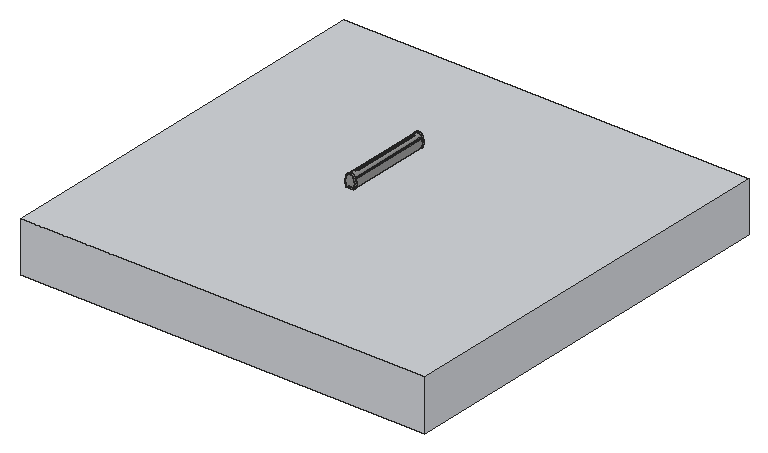
Revit family "L-trade II_body", category Обобщенные модели, Revit 2017
Family settings
  Основа = Грань
  Может служить основой для арматурных стержней = Нет
  Размер круглого соединителя = Использовать диаметр
  Тип детали = Нормальный
  При загрузке вырезать с полостями = Нет
  Общий = Нет
  Точка расчета площади = Нет
Parameters
  Тип торцевой крышки = Trade II торцевая крышка : Trade II торцевая крышка
  Расстояние от светильника до плоскости = Расстояние от низа светильника до плоскости + 80 mm  # 250 mm
  Расстояние от низа светильника до плоскости = 170 mm
  Default Elevation = 1219.2 mm
  Начало выдавливания = 250 mm
  Конец выдавливания = Начало выдавливания * (-1)  # -250 mm
  Длина профиля = Начало выдавливания * 2  # 500 mm
Reference planes
  plane 1 "По центру (Вперед/Назад)": y = 0
  plane 2: z = 0
  plane 3 "По центру (Влево/Вправо)": x = 0
  plane 4 "Плоскость расположения светильника": z = 170
Forms (mm)
  Extrusion 1, solid
    sketch origin (0, 0, 0) x (1, 0, 0) y (0, 1, 0)
      loop
        line (-1219.2, 1219.2) -> (-1219.2, -1219.2) -> (1219.2, -1219.2) -> (1219.2, 1219.2) -> (-1219.2, 1219.2)
    from 0 to -304.8
  Extrusion 2, solid
    sketch origin (0, 0, 170) x (0, -1, 0) y (1, 0, 0)
      loop
        line (-250, 2.572) -> (250, 2.572) -> (250, 4.625) -> (-250, 4.625) -> (-250, 2.572)
      loop
        line (-250, -2.572) -> (-250, -4.625) -> (250, -4.625) -> (250, -2.572) -> (-250, -2.572)
    from 0 to 1
  Extrusion 3, solid, material "Алюминий"
    sketch origin (0, 0, 0) x (1, 0, 0) y (0, 0, 1)
      loop
        line (2.572, 170) -> (21.583, 170)
        arc (21.583, 170) -> (23.284, 170.705) -> (23.988, 172.406) r 2.406
        line (23.988, 172.406) -> (23.988, 219.1) -> (23.054, 219.44)
        arc (23.054, 219.44) -> (20.433, 219.877) -> (22.85, 220.98) r 1.389
        line (22.85, 220.98) -> (23.732, 222.227)
        arc (23.732, 222.227) -> (24.096, 223.532) -> (23.546, 224.771) r 2.006
        arc (23.546, 224.771) -> (23.261, 225.083) -> (23.188, 225.5) r 0.757
        line (23.188, 225.5) -> (22.224, 225.5) -> (22.224, 224.659) -> (22.797, 224.087)
        arc (22.797, 224.087) -> (22.797, 222.684) -> (21.394, 222.684) r 0.992
        arc (21.394, 222.684) -> (21.071, 222.931) -> (20.696, 223.087) r 1.556
        line (20.696, 223.087) -> (18.325, 223.087)
        arc (18.325, 223.087) -> (16.847, 224.004) -> (18.515, 224.5) r 0.954
        line (18.515, 224.5) -> (19.803, 224.5) -> (19.803, 225.5) -> (19.002, 225.5)
        arc (19.002, 225.5) -> (17.792, 225.901) -> (16.582, 225.5) r 2.024
        line (16.582, 225.5) -> (4.453, 225.5) -> (4.453, 224.5) -> (5.483, 224.5) -> (5.483, 223.3) -> (-5.506, 223.3) -> (-5.506, 224.5) -> (-4.477, 224.5) -> (-4.477, 225.5) -> (-16.606, 225.5)
        arc (-16.606, 225.5) -> (-17.815, 225.901) -> (-19.025, 225.5) r 2.024
        line (-19.025, 225.5) -> (-19.826, 225.5) -> (-19.826, 224.5) -> (-18.538, 224.5)
        arc (-18.538, 224.5) -> (-16.87, 224.004) -> (-18.349, 223.087) r 0.954
        line (-18.349, 223.087) -> (-20.719, 223.087)
        arc (-20.719, 223.087) -> (-21.095, 222.931) -> (-21.417, 222.684) r 1.556
        arc (-21.417, 222.684) -> (-22.82, 222.684) -> (-22.82, 224.087) r 0.992
        line (-22.82, 224.087) -> (-22.247, 224.659) -> (-22.247, 225.5) -> (-23.212, 225.5)
        arc (-23.212, 225.5) -> (-23.284, 225.083) -> (-23.569, 224.771) r 0.757
        arc (-23.569, 224.771) -> (-24.119, 223.532) -> (-23.756, 222.227) r 2.006
        line (-23.756, 222.227) -> (-22.873, 220.98)
        arc (-22.873, 220.98) -> (-20.456, 219.877) -> (-23.077, 219.44) r 1.389
        line (-23.077, 219.44) -> (-24.012, 219.1) -> (-24.012, 172.406)
        arc (-24.012, 172.406) -> (-23.307, 170.705) -> (-21.606, 170) r 2.406
        line (-21.606, 170) -> (-2.595, 170) -> (-2.595, 171) -> (-4.649, 171) -> (-4.649, 175.456) -> (4.625, 175.456) -> (4.625, 171) -> (2.572, 171) -> (2.572, 170)
      loop
        line (5.619, 171) -> (21.584, 171)
        arc (21.584, 171) -> (22.577, 171.411) -> (22.988, 172.405) r 1.405
        line (22.988, 172.405) -> (22.988, 217.897)
        arc (22.988, 217.897) -> (19.715, 218.767) -> (20.407, 222.082) r 2.462
        line (20.407, 222.082) -> (18.726, 222.082)
        arc (18.726, 222.082) -> (16.485, 222.332) -> (15.866, 224.5) r 2.024
        line (15.866, 224.5) -> (6.476, 224.5) -> (6.476, 222.279) -> (-6.499, 222.279) -> (-6.499, 224.5) -> (-15.89, 224.5)
        arc (-15.89, 224.5) -> (-16.509, 222.332) -> (-18.749, 222.082) r 2.024
        line (-18.749, 222.082) -> (-20.43, 222.082)
        arc (-20.43, 222.082) -> (-19.738, 218.767) -> (-23.012, 217.897) r 2.462
        line (-23.012, 217.897) -> (-23.012, 172.405)
        arc (-23.012, 172.405) -> (-22.6, 171.411) -> (-21.607, 171) r 1.405
        line (-21.607, 171) -> (-5.642, 171) -> (-5.642, 176.427) -> (5.619, 176.427) -> (5.619, 171)
    from 250 <- "Начало выдавливания" to -250 <- "Конец выдавливания"
  Extrusion 4, solid, material "Стекло, прозрачное остекление"
    sketch origin (0, 0, 0) x (1, 0, 0) y (0, 0, 1)
      loop
        arc (-0.012, 246.283) -> (14.71, 240.185) -> (20.808, 225.463) r 20.82
        line (20.808, 225.463) -> (20.808, 224.359) -> (18.369, 224.359) -> (18.369, 223.222) -> (22.088, 223.222) -> (22.088, 225.463)
        arc (22.088, 225.463) -> (15.615, 241.09) -> (-0.012, 247.563) r 22.1
        arc (-0.012, 247.563) -> (-15.639, 241.09) -> (-22.112, 225.463) r 22.1
        line (-22.112, 225.463) -> (-22.112, 223.222) -> (-18.393, 223.222) -> (-18.393, 224.359) -> (-20.832, 224.359) -> (-20.832, 225.463)
        arc (-20.832, 225.463) -> (-14.734, 240.185) -> (-0.012, 246.283) r 20.82
    from 250 <- "Начало выдавливания" to -250 <- "Конец выдавливания"
Dimensions and locks
  "Расстояние от низа светильника до плоскости": plane 4 "Плоскость расположения светильника" to Extrusion 1
  aligned and locked: plane 2 to Extrusion 1
  aligned and locked: level to Extrusion 1
Automatic sketch dimensions
  Extrusion 1 sketch curve to Extrusion 1 sketch curve = 2438.4 mm  (x2)
  Extrusion 2 sketch curve to plane 3 "По центру (Влево/Вправо)" = 2.572 mm
  Extrusion 2 sketch curve to plane 1 "По центру (Вперед/Назад)" = 250 mm
  plane 1 "По центру (Вперед/Назад)" to Extrusion 2 sketch curve = 250 mm
  plane 3 "По центру (Влево/Вправо)" to Extrusion 2 sketch curve = 2.572 mm
  Extrusion 2 sketch curve to Extrusion 2 sketch curve = 0 mm  (x2)
  Extrusion 2 sketch curve to Extrusion 2 sketch curve = 2.053 mm  (x2)
  Extrusion 3 sketch curve to Extrusion 3 sketch curve = 0 mm  (x22)
  Extrusion 3 sketch curve to plane 4 "Плоскость расположения светильника" = 0 mm  (x2)
  Extrusion 3 sketch curve to plane 3 "По центру (Влево/Вправо)" = 24.012 mm
  Extrusion 3 sketch curve to Extrusion 3 sketch curve = 0.047 mm
  Extrusion 3 sketch curve to Extrusion 3 sketch curve = 0.256 mm
  Extrusion 3 sketch curve to Extrusion 3 sketch curve = 0.753 mm  (x2)
  Extrusion 3 sketch curve to Extrusion 3 sketch curve = 0.935 mm  (x2)
  Extrusion 3 sketch curve to Extrusion 3 sketch curve = 1 mm  (x4)
  Extrusion 3 sketch curve to Extrusion 3 sketch curve = 0.882 mm  (x2)
  Extrusion 3 sketch curve to Extrusion 3 sketch curve = 0.392 mm
  Extrusion 3 sketch curve to Extrusion 3 sketch curve = 0.964 mm  (x2)
  Extrusion 3 sketch curve to Extrusion 3 sketch curve = 0.702 mm  (x2)
  Extrusion 3 sketch curve to Extrusion 3 sketch curve = 1.04 mm  (x2)
  Extrusion 3 sketch curve to Extrusion 3 sketch curve = 1.405 mm
  Extrusion 3 sketch curve to Extrusion 3 sketch curve = 0.001 mm  (x2)
  Extrusion 3 sketch curve to Extrusion 3 sketch curve = 1.399 mm  (x2)
  Extrusion 3 sketch curve to Extrusion 3 sketch curve = 0.289 mm  (x2)
  Extrusion 3 sketch curve to Extrusion 3 sketch curve = 0.114 mm  (x2)
  Extrusion 3 sketch curve to Extrusion 3 sketch curve = 2.421 mm
  Extrusion 3 sketch curve to Extrusion 3 sketch curve = 0.801 mm  (x2)
  Extrusion 3 sketch curve to Extrusion 3 sketch curve = 1.567 mm  (x2)
  Extrusion 3 sketch curve to Extrusion 3 sketch curve = 0.487 mm  (x2)
  Extrusion 3 sketch curve to Extrusion 3 sketch curve = 0.401 mm  (x2)
  Extrusion 3 sketch curve to Extrusion 3 sketch curve = 0.533 mm  (x2)
  Extrusion 3 sketch curve to Extrusion 3 sketch curve = 1.21 mm  (x2)
  Extrusion 3 sketch curve to Extrusion 3 sketch curve = 0.716 mm  (x2)
  Extrusion 3 sketch curve to plane 3 "По центру (Влево/Вправо)" = 6.499 mm
  plane 4 "Плоскость расположения светильника" to Extrusion 3 sketch curve = 1 mm  (x4)
  Extrusion 3 sketch curve to plane 3 "По центру (Влево/Вправо)" = 5.642 mm
  Extrusion 3 sketch curve to Extrusion 3 sketch curve = 0.993 mm  (x4)
  Extrusion 3 sketch curve to Extrusion 3 sketch curve = 1.03 mm  (x2)
  Extrusion 3 sketch curve to Extrusion 3 sketch curve = 2.053 mm  (x2)
  plane 3 "По центру (Влево/Вправо)" to Extrusion 3 sketch curve = 2.572 mm
  plane 3 "По центру (Влево/Вправо)" to Extrusion 3 sketch curve = 4.453 mm
  Extrusion 3 sketch curve to Extrusion 3 sketch curve = 9.39 mm
  Extrusion 3 sketch curve to Extrusion 3 sketch curve = 0.723 mm
  plane 4 "Плоскость расположения светильника" to Extrusion 3 sketch curve = 2.406 mm
  Extrusion 3 sketch curve to Extrusion 3 sketch curve = 15.964 mm
  Extrusion 3 sketch curve to Extrusion 3 sketch curve = 1.517 mm
  Extrusion 3 sketch curve to Extrusion 3 sketch curve = 0.129 mm
  Extrusion 3 sketch curve to Extrusion 3 sketch curve = 0.573 mm  (x3)
  Extrusion 3 sketch curve to Extrusion 3 sketch curve = 4.456 mm
  Extrusion 3 sketch curve to Extrusion 3 sketch curve = 0.971 mm
  Extrusion 3 sketch curve to Extrusion 3 sketch curve = 41.47 mm  (x2)
  Extrusion 3 sketch curve to Extrusion 3 sketch curve = 1.203 mm  (x2)
  Extrusion 3 sketch curve to Extrusion 3 sketch curve = 0.34 mm  (x2)
  Extrusion 3 sketch curve to Extrusion 3 sketch curve = 0.619 mm  (x2)
  Extrusion 3 sketch curve to Extrusion 3 sketch curve = 0.498 mm  (x2)
  Extrusion 3 sketch curve to Extrusion 3 sketch curve = 1.247 mm  (x2)
  Extrusion 3 sketch curve to Extrusion 3 sketch curve = 0.198 mm
  Extrusion 3 sketch curve to Extrusion 3 sketch curve = 1.005 mm  (x2)
  Extrusion 3 sketch curve to Extrusion 3 sketch curve = 1.021 mm
  Extrusion 3 sketch curve to Extrusion 3 sketch curve = 0.299 mm  (x2)
  Extrusion 3 sketch curve to Extrusion 3 sketch curve = 0.791 mm  (x2)
  Extrusion 3 sketch curve to Extrusion 3 sketch curve = 1.33 mm  (x2)
  Extrusion 3 sketch curve to Extrusion 3 sketch curve = 0.841 mm  (x2)
  Extrusion 3 sketch curve to Extrusion 3 sketch curve = 0.698 mm
  Extrusion 4 sketch curve to Extrusion 4 sketch curve = 0 mm  (x13)
  Extrusion 4 sketch curve to plane 3 "По центру (Влево/Вправо)" = 22.112 mm
  Extrusion 4 sketch curve to Extrusion 4 sketch curve = 1.28 mm
  Extrusion 4 sketch curve to Extrusion 4 sketch curve = 2.439 mm  (x2)
  Extrusion 4 sketch curve to plane 3 "По центру (Влево/Вправо)" = 0.012 mm
  plane 4 "Плоскость расположения светильника" to Extrusion 4 sketch curve = 53.222 mm
  Extrusion 4 sketch curve to Extrusion 4 sketch curve = 1.137 mm  (x2)
  Extrusion 4 sketch curve to Extrusion 4 sketch curve = 1.104 mm
Nested families
  nested 1: "Trade II торцевая крышка" at (0.005, 0, 0), type <- "Тип торцевой крышки", type "Trade II торцевая крышка"
    with Расстояние от светильника до плоскости 250 mm, Расстояние до плоскости 178 mm, Начало профиля 250 mm, Начало выделения 250 mm, Конец профиля 250 mm, Конец выделения 250 mm, Длина профиля 500 mm
  nested 2: "Trade II торцевая крышка" at (0, 0, 0), type <- "Тип торцевой крышки", type "Trade II торцевая крышка"
    with Расстояние от светильника до плоскости 250 mm, Расстояние до плоскости 178 mm, Начало профиля 250 mm, Начало выделения 250 mm, Конец профиля 250 mm, Конец выделения 250 mm, Длина профиля 500 mm
Definition of nested family "Trade II торцевая крышка"
  Parameters (values of type "Trade II торцевая крышка")
    Расстояние от светильника до плоскости = Расстояние до плоскости + 72 mm  # 322 mm
    Расстояние до плоскости = 250 mm
    Default Elevation = 1219.2 mm
    Начало профиля = 500 mm
    Начало выделения = Начало профиля  # 500 mm
    Конец профиля = Начало профиля  # 500 mm
    Конец выделения = Конец профиля  # 500 mm
    Длина профиля = Начало профиля * 2  # 1000 mm
  Reference planes
    plane 1 "По центру (Вперед/Назад)": y = 0
    plane 2: z = 0
    plane 3 "По центру (Влево/Вправо)": x = 0
    plane 4 "Плоскость низа светильника": z = 250
    plane 5 "Начало выд": y = -500
    plane 6 "Конец выд": y = 500
  Forms (mm)
    Extrusion 1, solid
      sketch origin (0, 0, 0) x (1, 0, 0) y (0, 1, 0)
        loop
          line (-1219.2, 1219.2) -> (-1219.2, -1219.2) -> (1219.2, -1219.2) -> (1219.2, 1219.2) -> (-1219.2, 1219.2)
      from 0 to -304.8
    Extrusion 2, solid
      sketch origin (0, 500, 0) x (0, 0, -1) y (1, 0, 0)
        loop
          arc (-298.752, 21.086) -> (-313.465, 14.795) -> (-319.533, -0.012) r 21.1
          arc (-319.533, -0.012) -> (-313.465, -14.818) -> (-298.752, -21.109) r 21.1
          arc (-298.752, -21.109) -> (-295.801, -23.179) -> (-292.204, -23.41) r 6.666
          arc (-292.204, -23.41) -> (-287.349, -22.848) -> (-283.631, -26.02) r 6.12
          line (-283.631, -26.02) -> (-282.1, -29.159)
          arc (-282.1, -29.159) -> (-281.536, -29.747) -> (-280.75, -29.964) r 1.536
          line (-280.75, -29.964) -> (-272.479, -29.964) -> (-264.208, -29.964)
          arc (-264.208, -29.964) -> (-263.423, -29.748) -> (-262.859, -29.161) r 1.536
          line (-262.859, -29.161) -> (-261.333, -26.017)
          arc (-261.333, -26.017) -> (-257.413, -22.783) -> (-252.402, -23.624) r 6.12
          arc (-252.402, -23.624) -> (-249.184, -24.431) -> (-246.185, -23.012) r 4.919
          arc (-246.185, -23.012) -> (-245.496, -23.055) -> (-244.832, -22.871) r 2.071
          arc (-244.832, -22.871) -> (-244.246, -22.355) -> (-244.028, -21.606) r 1.397
          line (-244.028, -21.606) -> (-244.028, -5.649) -> (-250, -5.649) -> (-250, -0.012) -> (-250, 5.625) -> (-244.028, 5.625) -> (-244.028, 21.583)
          arc (-244.028, 21.583) -> (-244.246, 22.332) -> (-244.832, 22.848) r 1.397
          arc (-244.832, 22.848) -> (-245.496, 23.032) -> (-246.185, 22.988) r 2.071
          arc (-246.185, 22.988) -> (-249.184, 24.408) -> (-252.402, 23.601) r 4.919
          arc (-252.402, 23.601) -> (-257.413, 22.759) -> (-261.333, 25.993) r 6.12
          line (-261.333, 25.993) -> (-262.859, 29.137)
          arc (-262.859, 29.137) -> (-263.423, 29.725) -> (-264.208, 29.94) r 1.536
          line (-264.208, 29.94) -> (-272.479, 29.94) -> (-280.75, 29.94)
          arc (-280.75, 29.94) -> (-281.536, 29.724) -> (-282.1, 29.136) r 1.536
          line (-282.1, 29.136) -> (-283.631, 25.997)
          arc (-283.631, 25.997) -> (-287.349, 22.825) -> (-292.204, 23.386) r 6.12
          arc (-292.204, 23.386) -> (-295.801, 23.156) -> (-298.752, 21.086) r 6.666
      from 0 to -1
    Extrusion 3, solid
      sketch origin (0, -500, 0) x (0, 0, -1) y (1, 0, 0)
        loop
          line (-244.028, 5.632) -> (-244.028, 21.59)
          arc (-244.028, 21.59) -> (-244.246, 22.339) -> (-244.832, 22.854) r 1.397
          arc (-244.832, 22.854) -> (-245.496, 23.039) -> (-246.185, 22.995) r 2.071
          arc (-246.185, 22.995) -> (-249.184, 24.415) -> (-252.402, 23.607) r 4.919
          arc (-252.402, 23.607) -> (-257.413, 22.766) -> (-261.333, 26) r 6.12
          line (-261.333, 26) -> (-262.859, 29.144)
          arc (-262.859, 29.144) -> (-263.423, 29.731) -> (-264.208, 29.947) r 1.536
          line (-264.208, 29.947) -> (-272.479, 29.947) -> (-280.75, 29.947)
          arc (-280.75, 29.947) -> (-281.536, 29.731) -> (-282.1, 29.143) r 1.536
          line (-282.1, 29.143) -> (-283.631, 26.003)
          arc (-283.631, 26.003) -> (-287.349, 22.832) -> (-292.204, 23.393) r 6.12
          arc (-292.204, 23.393) -> (-295.801, 23.163) -> (-298.752, 21.093) r 6.666
          arc (-298.752, 21.093) -> (-313.465, 14.802) -> (-319.533, -0.005) r 21.1
          arc (-319.533, -0.005) -> (-313.465, -14.811) -> (-298.752, -21.102) r 21.1
          arc (-298.752, -21.102) -> (-295.801, -23.172) -> (-292.204, -23.403) r 6.666
          arc (-292.204, -23.403) -> (-287.349, -22.841) -> (-283.631, -26.013) r 6.12
          line (-283.631, -26.013) -> (-282.1, -29.153)
          arc (-282.1, -29.153) -> (-281.536, -29.741) -> (-280.75, -29.957) r 1.536
          line (-280.75, -29.957) -> (-272.479, -29.957) -> (-264.208, -29.957)
          arc (-264.208, -29.957) -> (-263.423, -29.741) -> (-262.859, -29.154) r 1.536
          line (-262.859, -29.154) -> (-261.333, -26.01)
          arc (-261.333, -26.01) -> (-257.413, -22.776) -> (-252.402, -23.617) r 6.12
          arc (-252.402, -23.617) -> (-249.184, -24.424) -> (-246.185, -23.005) r 4.919
          arc (-246.185, -23.005) -> (-245.496, -23.049) -> (-244.832, -22.864) r 2.071
          arc (-244.832, -22.864) -> (-244.246, -22.348) -> (-244.028, -21.599) r 1.397
          line (-244.028, -21.599) -> (-244.028, -5.642) -> (-248, -5.642) -> (-250, -5.649) -> (-250, 5.625) -> (-248, 5.625) -> (-244.028, 5.632)
      from 0 to 1
    Extrusion 4, solid
      sketch origin (0, -500, 0) x (0, 0, -1) y (1, 0, 0)
        loop
          arc (-319.533, -0.005) -> (-313.465, -14.811) -> (-298.752, -21.102) r 21.1
          arc (-298.752, -21.102) -> (-295.801, -23.172) -> (-292.204, -23.403) r 6.666
          arc (-292.204, -23.403) -> (-287.349, -22.841) -> (-283.631, -26.013) r 6.12
          line (-283.631, -26.013) -> (-282.1, -29.153)
          arc (-282.1, -29.153) -> (-281.536, -29.741) -> (-280.75, -29.957) r 1.536
          line (-280.75, -29.957) -> (-272.479, -29.957) -> (-264.208, -29.957)
          arc (-264.208, -29.957) -> (-263.423, -29.741) -> (-262.859, -29.154) r 1.536
          line (-262.859, -29.154) -> (-261.333, -26.01)
          arc (-261.333, -26.01) -> (-257.413, -22.776) -> (-252.402, -23.617) r 6.12
          arc (-252.402, -23.617) -> (-249.184, -24.424) -> (-246.185, -23.005) r 4.919
          arc (-246.185, -23.005) -> (-245.496, -23.049) -> (-244.832, -22.864) r 2.071
          arc (-244.832, -22.864) -> (-244.246, -22.348) -> (-244.028, -21.599) r 1.397
          line (-244.028, -21.599) -> (-244.028, -5.642) -> (-248, -5.642) -> (-250, -5.649) -> (-250, -0.012) -> (-250, 5.639) -> (-248, 5.639) -> (-244.028, 5.632) -> (-244.028, 21.59)
          arc (-244.028, 21.59) -> (-244.246, 22.339) -> (-244.832, 22.854) r 1.397
          arc (-244.832, 22.854) -> (-245.496, 23.039) -> (-246.185, 22.995) r 2.071
          arc (-246.185, 22.995) -> (-249.184, 24.415) -> (-252.402, 23.607) r 4.919
          arc (-252.402, 23.607) -> (-257.413, 22.766) -> (-261.333, 26) r 6.12
          line (-261.333, 26) -> (-262.859, 29.144)
          arc (-262.859, 29.144) -> (-263.423, 29.731) -> (-264.208, 29.947) r 1.536
          line (-264.208, 29.947) -> (-272.479, 29.947) -> (-280.75, 29.947)
          arc (-280.75, 29.947) -> (-281.536, 29.731) -> (-282.1, 29.143) r 1.536
          line (-282.1, 29.143) -> (-283.631, 26.003)
          arc (-283.631, 26.003) -> (-287.349, 22.832) -> (-292.204, 23.393) r 6.12
          arc (-292.204, 23.393) -> (-295.801, 23.163) -> (-298.752, 21.093) r 6.666
          arc (-298.752, 21.093) -> (-313.465, 14.802) -> (-319.533, -0.005) r 21.1
        loop
          arc (-321.533, -0.005) -> (-315.194, -15.9) -> (-299.657, -23.072) r 23.1
          arc (-299.657, -23.072) -> (-295.831, -25.254) -> (-291.427, -25.274) r 8.666
          arc (-291.427, -25.274) -> (-288.06, -24.718) -> (-285.429, -26.89) r 4.12
          line (-285.429, -26.89) -> (-283.883, -30.06)
          arc (-283.883, -30.06) -> (-282.581, -31.446) -> (-280.75, -31.957) r 3.536
          line (-280.75, -31.957) -> (-272.479, -31.957) -> (-264.208, -31.957)
          arc (-264.208, -31.957) -> (-262.377, -31.446) -> (-261.075, -30.06) r 3.536
          line (-261.075, -30.06) -> (-259.534, -26.884)
          arc (-259.534, -26.884) -> (-256.893, -24.707) -> (-253.519, -25.276) r 4.12
          arc (-253.519, -25.276) -> (-249.474, -26.446) -> (-245.501, -25.054) r 6.919
          arc (-245.501, -25.054) -> (-244.724, -24.938) -> (-243.983, -24.675) r 4.071
          arc (-243.983, -24.675) -> (-242.558, -23.421) -> (-242.028, -21.599) r 3.397
          line (-242.028, -21.599) -> (-242.028, -3.642) -> (-248, -3.642) -> (-248, -0.012) -> (-248, 3.632) -> (-242.028, 3.632) -> (-242.028, 21.59)
          arc (-242.028, 21.59) -> (-242.558, 23.412) -> (-243.983, 24.665) r 3.397
          arc (-243.983, 24.665) -> (-244.724, 24.929) -> (-245.501, 25.045) r 4.071
          arc (-245.501, 25.045) -> (-249.474, 26.436) -> (-253.519, 25.267) r 6.919
          arc (-253.519, 25.267) -> (-256.893, 24.698) -> (-259.534, 26.875) r 4.12
          line (-259.534, 26.875) -> (-261.075, 30.05)
          arc (-261.075, 30.05) -> (-262.377, 31.436) -> (-264.208, 31.947) r 3.536
          line (-264.208, 31.947) -> (-272.479, 31.947) -> (-280.75, 31.947)
          arc (-280.75, 31.947) -> (-282.581, 31.436) -> (-283.883, 30.05) r 3.536
          line (-283.883, 30.05) -> (-285.429, 26.88)
          arc (-285.429, 26.88) -> (-288.06, 24.708) -> (-291.427, 25.265) r 4.12
          arc (-291.427, 25.265) -> (-295.831, 25.245) -> (-299.657, 23.063) r 8.666
          arc (-299.657, 23.063) -> (-315.194, 15.891) -> (-321.533, -0.005) r 23.1
      from 0 to 9
    Extrusion 5, solid
      sketch origin (0, 500, 0) x (0, 0, -1) y (1, 0, 0)
        loop
          arc (-319.526, -0.004) -> (-313.459, -14.811) -> (-298.746, -21.101) r 21.1
          arc (-298.746, -21.101) -> (-295.795, -23.171) -> (-292.197, -23.402) r 6.666
          arc (-292.197, -23.402) -> (-287.343, -22.84) -> (-283.625, -26.012) r 6.12
          line (-283.625, -26.012) -> (-282.093, -29.152)
          arc (-282.093, -29.152) -> (-281.529, -29.74) -> (-280.743, -29.956) r 1.536
          line (-280.743, -29.956) -> (-272.472, -29.956) -> (-264.202, -29.956)
          arc (-264.202, -29.956) -> (-263.416, -29.74) -> (-262.852, -29.153) r 1.536
          line (-262.852, -29.153) -> (-261.326, -26.009)
          arc (-261.326, -26.009) -> (-257.406, -22.775) -> (-252.395, -23.616) r 6.12
          arc (-252.395, -23.616) -> (-249.177, -24.424) -> (-246.178, -23.004) r 4.919
          arc (-246.178, -23.004) -> (-245.49, -23.048) -> (-244.825, -22.863) r 2.071
          arc (-244.825, -22.863) -> (-244.239, -22.348) -> (-244.021, -21.598) r 1.397
          line (-244.021, -21.598) -> (-244.021, -5.641) -> (-247.993, -5.641) -> (-249.993, -5.648) -> (-249.993, -0.011) -> (-249.993, 5.64) -> (-247.993, 5.64) -> (-244.021, 5.633) -> (-244.021, 21.59)
          arc (-244.021, 21.59) -> (-244.239, 22.34) -> (-244.825, 22.855) r 1.397
          arc (-244.825, 22.855) -> (-245.49, 23.04) -> (-246.178, 22.996) r 2.071
          arc (-246.178, 22.996) -> (-249.177, 24.416) -> (-252.395, 23.608) r 4.919
          arc (-252.395, 23.608) -> (-257.406, 22.767) -> (-261.326, 26.001) r 6.12
          line (-261.326, 26.001) -> (-262.852, 29.145)
          arc (-262.852, 29.145) -> (-263.416, 29.732) -> (-264.202, 29.948) r 1.536
          line (-264.202, 29.948) -> (-272.472, 29.948) -> (-280.743, 29.948)
          arc (-280.743, 29.948) -> (-281.529, 29.732) -> (-282.093, 29.144) r 1.536
          line (-282.093, 29.144) -> (-283.625, 26.004)
          arc (-283.625, 26.004) -> (-287.343, 22.833) -> (-292.197, 23.394) r 6.12
          arc (-292.197, 23.394) -> (-295.795, 23.163) -> (-298.746, 21.094) r 6.666
          arc (-298.746, 21.094) -> (-313.459, 14.803) -> (-319.526, -0.004) r 21.1
        loop
          arc (-321.526, -0.004) -> (-315.188, -15.899) -> (-299.65, -23.071) r 23.1
          arc (-299.65, -23.071) -> (-295.824, -25.254) -> (-291.42, -25.273) r 8.666
          arc (-291.42, -25.273) -> (-288.054, -24.717) -> (-285.422, -26.889) r 4.12
          line (-285.422, -26.889) -> (-283.876, -30.059)
          arc (-283.876, -30.059) -> (-282.575, -31.445) -> (-280.743, -31.956) r 3.536
          line (-280.743, -31.956) -> (-272.472, -31.956) -> (-264.202, -31.956)
          arc (-264.202, -31.956) -> (-262.37, -31.445) -> (-261.068, -30.059) r 3.536
          line (-261.068, -30.059) -> (-259.527, -26.883)
          arc (-259.527, -26.883) -> (-256.887, -24.706) -> (-253.512, -25.275) r 4.12
          arc (-253.512, -25.275) -> (-249.468, -26.445) -> (-245.494, -25.053) r 6.919
          arc (-245.494, -25.053) -> (-244.717, -24.937) -> (-243.976, -24.674) r 4.071
          arc (-243.976, -24.674) -> (-242.551, -23.421) -> (-242.021, -21.598) r 3.397
          line (-242.021, -21.598) -> (-242.021, -3.641) -> (-247.993, -3.641) -> (-247.993, -0.011) -> (-247.993, 3.633) -> (-242.021, 3.633) -> (-242.021, 21.59)
          arc (-242.021, 21.59) -> (-242.551, 23.413) -> (-243.976, 24.666) r 3.397
          arc (-243.976, 24.666) -> (-244.717, 24.93) -> (-245.494, 25.046) r 4.071
          arc (-245.494, 25.046) -> (-249.468, 26.437) -> (-253.512, 25.267) r 6.919
          arc (-253.512, 25.267) -> (-256.887, 24.698) -> (-259.527, 26.875) r 4.12
          line (-259.527, 26.875) -> (-261.068, 30.051)
          arc (-261.068, 30.051) -> (-262.37, 31.437) -> (-264.202, 31.948) r 3.536
          line (-264.202, 31.948) -> (-272.472, 31.948) -> (-280.743, 31.948)
          arc (-280.743, 31.948) -> (-282.575, 31.437) -> (-283.876, 30.051) r 3.536
          line (-283.876, 30.051) -> (-285.422, 26.881)
          arc (-285.422, 26.881) -> (-288.054, 24.709) -> (-291.42, 25.265) r 4.12
          arc (-291.42, 25.265) -> (-295.824, 25.246) -> (-299.65, 23.064) r 8.666
          arc (-299.65, 23.064) -> (-315.188, 15.892) -> (-321.526, -0.004) r 23.1
      from 0 to -9
    Extrusion 6, solid
      sketch origin (0, -500, 0) x (0, 0, -1) y (1, 0, 0)
        loop
          line (-244.028, 5.632) -> (-244.028, 21.59)
          arc (-244.028, 21.59) -> (-244.246, 22.339) -> (-244.832, 22.854) r 1.397
          arc (-244.832, 22.854) -> (-245.496, 23.039) -> (-246.185, 22.995) r 2.071
          arc (-246.185, 22.995) -> (-249.184, 24.415) -> (-252.402, 23.607) r 4.919
          arc (-252.402, 23.607) -> (-257.413, 22.766) -> (-261.333, 26) r 6.12
          line (-261.333, 26) -> (-262.859, 29.144)
          arc (-262.859, 29.144) -> (-263.423, 29.731) -> (-264.208, 29.947) r 1.536
          line (-264.208, 29.947) -> (-272.479, 29.947) -> (-280.75, 29.947)
          arc (-280.75, 29.947) -> (-281.536, 29.731) -> (-282.1, 29.143) r 1.536
          line (-282.1, 29.143) -> (-283.631, 26.003)
          arc (-283.631, 26.003) -> (-287.349, 22.832) -> (-292.204, 23.393) r 6.12
          arc (-292.204, 23.393) -> (-295.801, 23.163) -> (-298.752, 21.093) r 6.666
          arc (-298.752, 21.093) -> (-313.465, 14.802) -> (-319.533, -0.005) r 21.1
          arc (-319.533, -0.005) -> (-313.465, -14.811) -> (-298.752, -21.102) r 21.1
          arc (-298.752, -21.102) -> (-295.801, -23.172) -> (-292.204, -23.403) r 6.666
          arc (-292.204, -23.403) -> (-287.349, -22.841) -> (-283.631, -26.013) r 6.12
          line (-283.631, -26.013) -> (-282.1, -29.153)
          arc (-282.1, -29.153) -> (-281.536, -29.741) -> (-280.75, -29.957) r 1.536
          line (-280.75, -29.957) -> (-272.479, -29.957) -> (-264.208, -29.957)
          arc (-264.208, -29.957) -> (-263.423, -29.741) -> (-262.859, -29.154) r 1.536
          line (-262.859, -29.154) -> (-261.333, -26.01)
          arc (-261.333, -26.01) -> (-257.413, -22.776) -> (-252.402, -23.617) r 6.12
          arc (-252.402, -23.617) -> (-249.184, -24.424) -> (-246.185, -23.005) r 4.919
          arc (-246.185, -23.005) -> (-245.496, -23.049) -> (-244.832, -22.864) r 2.071
          arc (-244.832, -22.864) -> (-244.246, -22.348) -> (-244.028, -21.599) r 1.397
          line (-244.028, -21.599) -> (-244.028, -5.642) -> (-248, -5.642) -> (-250, -5.649) -> (-250, 5.625) -> (-248, 5.625) -> (-244.028, 5.632)
      from 8 to 9
    Extrusion 7, solid
      sketch origin (0, 500, 0) x (0, 0, -1) y (1, 0, 0)
        loop
          line (-244.028, 5.632) -> (-244.028, 21.59)
          arc (-244.028, 21.59) -> (-244.246, 22.339) -> (-244.832, 22.854) r 1.397
          arc (-244.832, 22.854) -> (-245.496, 23.039) -> (-246.185, 22.995) r 2.071
          arc (-246.185, 22.995) -> (-249.184, 24.415) -> (-252.402, 23.607) r 4.919
          arc (-252.402, 23.607) -> (-257.413, 22.766) -> (-261.333, 26) r 6.12
          line (-261.333, 26) -> (-262.859, 29.144)
          arc (-262.859, 29.144) -> (-263.423, 29.731) -> (-264.208, 29.947) r 1.536
          line (-264.208, 29.947) -> (-272.479, 29.947) -> (-280.75, 29.947)
          arc (-280.75, 29.947) -> (-281.536, 29.731) -> (-282.1, 29.143) r 1.536
          line (-282.1, 29.143) -> (-283.631, 26.003)
          arc (-283.631, 26.003) -> (-287.349, 22.832) -> (-292.204, 23.393) r 6.12
          arc (-292.204, 23.393) -> (-295.801, 23.163) -> (-298.752, 21.093) r 6.666
          arc (-298.752, 21.093) -> (-313.465, 14.802) -> (-319.533, -0.005) r 21.1
          arc (-319.533, -0.005) -> (-313.465, -14.811) -> (-298.752, -21.102) r 21.1
          arc (-298.752, -21.102) -> (-295.801, -23.172) -> (-292.204, -23.403) r 6.666
          arc (-292.204, -23.403) -> (-287.349, -22.841) -> (-283.631, -26.013) r 6.12
          line (-283.631, -26.013) -> (-282.1, -29.153)
          arc (-282.1, -29.153) -> (-281.536, -29.741) -> (-280.75, -29.957) r 1.536
          line (-280.75, -29.957) -> (-272.479, -29.957) -> (-264.208, -29.957)
          arc (-264.208, -29.957) -> (-263.423, -29.741) -> (-262.859, -29.154) r 1.536
          line (-262.859, -29.154) -> (-261.333, -26.01)
          arc (-261.333, -26.01) -> (-257.413, -22.776) -> (-252.402, -23.617) r 6.12
          arc (-252.402, -23.617) -> (-249.184, -24.424) -> (-246.185, -23.005) r 4.919
          arc (-246.185, -23.005) -> (-245.496, -23.049) -> (-244.832, -22.864) r 2.071
          arc (-244.832, -22.864) -> (-244.246, -22.348) -> (-244.028, -21.599) r 1.397
          line (-244.028, -21.599) -> (-244.028, -5.642) -> (-248, -5.642) -> (-250, -5.649) -> (-250, 5.625) -> (-248, 5.625) -> (-244.028, 5.632)
      from -8 to -9
  Dimensions and locks
    "Расстояние до плоскости": plane 4 "Плоскость низа светильника" to Extrusion 1
    "Начало выделения": plane 5 "Начало выд" to plane 1 "По центру (Вперед/Назад)"
    "Конец выделения": plane 1 "По центру (Вперед/Назад)" to plane 6 "Конец выд"
    aligned and locked: plane 2 to Extrusion 1
    aligned and locked: level to Extrusion 1
  Automatic sketch dimensions
    Extrusion 1 sketch curve to Extrusion 1 sketch curve = 2438.4 mm  (x2)
    Extrusion 2 sketch curve to Extrusion 2 sketch curve = 0 mm  (x2)
    Extrusion 2 sketch curve to plane 4 "Плоскость низа светильника" = 0 mm
    plane 4 "Плоскость низа светильника" to Extrusion 2 sketch curve = 5.829 mm  (x2)
    Extrusion 2 sketch curve to Extrusion 2 sketch curve = 5.503 mm  (x2)
    Extrusion 2 sketch curve to Extrusion 2 sketch curve = 1.526 mm  (x2)
    Extrusion 2 sketch curve to Extrusion 2 sketch curve = 1.35 mm  (x4)
    Extrusion 2 sketch curve to Extrusion 2 sketch curve = 8.271 mm  (x4)
    Extrusion 2 sketch curve to Extrusion 2 sketch curve = 1.531 mm  (x2)
    Extrusion 2 sketch curve to Extrusion 2 sketch curve = 5.501 mm  (x2)
    Extrusion 2 sketch curve to Extrusion 2 sketch curve = 4.46 mm  (x2)
    Extrusion 2 sketch curve to plane 3 "По центру (Влево/Вправо)" = 0.012 mm  (x2)
    Extrusion 2 sketch curve to Extrusion 2 sketch curve = 4.841 mm
    Extrusion 2 sketch curve to plane 4 "Плоскость низа светильника" = 0.334 mm  (x2)
    Extrusion 2 sketch curve to Extrusion 2 sketch curve = 3.955 mm  (x2)
    Extrusion 2 sketch curve to Extrusion 2 sketch curve = 0.286 mm  (x2)
    Extrusion 2 sketch curve to Extrusion 2 sketch curve = 1.397 mm
    Extrusion 2 sketch curve to plane 4 "Плоскость низа светильника" = 5.972 mm
    Extrusion 2 sketch curve to plane 3 "По центру (Влево/Вправо)" = 5.649 mm
    Extrusion 2 sketch curve to plane 3 "По центру (Влево/Вправо)" = 16.89 mm
    Extrusion 2 sketch curve to Extrusion 2 sketch curve = 13.888 mm  (x2)
    Extrusion 2 sketch curve to Extrusion 2 sketch curve = 1.459 mm  (x2)
    Extrusion 2 sketch curve to Extrusion 2 sketch curve = 0.611 mm  (x2)
    Extrusion 2 sketch curve to Extrusion 2 sketch curve = 6.48 mm  (x2)
    Extrusion 2 sketch curve to Extrusion 2 sketch curve = 9.13 mm  (x2)
    Extrusion 2 sketch curve to Extrusion 2 sketch curve = 2.408 mm  (x2)
    Extrusion 2 sketch curve to Extrusion 2 sketch curve = 2.412 mm  (x2)
    Extrusion 2 sketch curve to Extrusion 2 sketch curve = 2.678 mm  (x2)
    Extrusion 2 sketch curve to Extrusion 2 sketch curve = 2.683 mm  (x2)
    Extrusion 2 sketch curve to Extrusion 2 sketch curve = 0.731 mm  (x2)
    plane 3 "По центру (Влево/Вправо)" to Extrusion 2 sketch curve = 5.625 mm
    plane 3 "По центру (Влево/Вправо)" to Extrusion 2 sketch curve = 16.867 mm
    plane 4 "Плоскость низа светильника" to Extrusion 2 sketch curve = 2.402 mm  (x2)
    Extrusion 2 sketch curve to Extrusion 2 sketch curve = 3.072 mm  (x2)
    Extrusion 2 sketch curve to Extrusion 2 sketch curve = 5.16 mm
    Extrusion 2 sketch curve to Extrusion 2 sketch curve = 1.353 mm  (x2)
    Extrusion 3 sketch curve to Extrusion 3 sketch curve = 0 mm  (x4)
    Extrusion 3 sketch curve to plane 4 "Плоскость низа светильника" = 0 mm
    plane 4 "Плоскость низа светильника" to Extrusion 3 sketch curve = 5.829 mm  (x2)
    Extrusion 3 sketch curve to Extrusion 3 sketch curve = 5.503 mm  (x2)
    Extrusion 3 sketch curve to Extrusion 3 sketch curve = 1.526 mm  (x2)
    Extrusion 3 sketch curve to Extrusion 3 sketch curve = 1.35 mm  (x4)
    Extrusion 3 sketch curve to Extrusion 3 sketch curve = 8.271 mm  (x4)
    Extrusion 3 sketch curve to Extrusion 3 sketch curve = 1.531 mm  (x2)
    Extrusion 3 sketch curve to Extrusion 3 sketch curve = 5.501 mm  (x2)
    Extrusion 3 sketch curve to Extrusion 3 sketch curve = 4.46 mm  (x2)
    Extrusion 3 sketch curve to plane 3 "По центру (Влево/Вправо)" = 0.005 mm
    Extrusion 3 sketch curve to Extrusion 3 sketch curve = 4.841 mm
    Extrusion 3 sketch curve to plane 4 "Плоскость низа светильника" = 0.334 mm  (x2)
    Extrusion 3 sketch curve to Extrusion 3 sketch curve = 3.955 mm  (x2)
    Extrusion 3 sketch curve to Extrusion 3 sketch curve = 0.286 mm  (x2)
    Extrusion 3 sketch curve to plane 4 "Плоскость низа светильника" = 5.972 mm  (x2)
    Extrusion 3 sketch curve to plane 3 "По центру (Влево/Вправо)" = 5.642 mm
    Extrusion 3 sketch curve to Extrusion 3 sketch curve = 0.007 mm  (x2)
    Extrusion 3 sketch curve to plane 3 "По центру (Влево/Вправо)" = 16.883 mm
    Extrusion 3 sketch curve to Extrusion 3 sketch curve = 13.881 mm
    Extrusion 3 sketch curve to Extrusion 3 sketch curve = 1.459 mm  (x2)
    Extrusion 3 sketch curve to Extrusion 3 sketch curve = 0.611 mm  (x2)
    Extrusion 3 sketch curve to Extrusion 3 sketch curve = 6.48 mm  (x2)
    Extrusion 3 sketch curve to Extrusion 3 sketch curve = 9.13 mm  (x2)
    Extrusion 3 sketch curve to Extrusion 3 sketch curve = 2.408 mm  (x2)
    Extrusion 3 sketch curve to Extrusion 3 sketch curve = 2.412 mm  (x2)
    Extrusion 3 sketch curve to Extrusion 3 sketch curve = 2.678 mm  (x2)
    Extrusion 3 sketch curve to Extrusion 3 sketch curve = 2.683 mm  (x2)
    Extrusion 3 sketch curve to Extrusion 3 sketch curve = 0.731 mm  (x2)
    plane 3 "По центру (Влево/Вправо)" to Extrusion 3 sketch curve = 5.625 mm
    plane 3 "По центру (Влево/Вправо)" to Extrusion 3 sketch curve = 16.874 mm
    Extrusion 3 sketch curve to Extrusion 3 sketch curve = 13.895 mm
    plane 4 "Плоскость низа светильника" to Extrusion 3 sketch curve = 2.402 mm  (x2)
    Extrusion 3 sketch curve to Extrusion 3 sketch curve = 3.072 mm  (x2)
    Extrusion 3 sketch curve to Extrusion 3 sketch curve = 5.16 mm
    Extrusion 3 sketch curve to plane 4 "Плоскость низа светильника" = 2 mm  (x2)
    Extrusion 3 sketch curve to Extrusion 3 sketch curve = 1.353 mm  (x2)
    Extrusion 4 sketch curve to Extrusion 4 sketch curve = 0 mm  (x48)
    Extrusion 4 sketch curve to plane 4 "Плоскость низа светильника" = 0 mm
    plane 4 "Плоскость низа светильника" to Extrusion 4 sketch curve = 5.829 mm  (x2)
    Extrusion 4 sketch curve to Extrusion 4 sketch curve = 3.705 mm  (x2)
    Extrusion 4 sketch curve to Extrusion 4 sketch curve = 1.541 mm  (x2)
    Extrusion 4 sketch curve to Extrusion 4 sketch curve = 1.799 mm  (x2)
    Extrusion 4 sketch curve to Extrusion 4 sketch curve = 1.783 mm  (x4)
    Extrusion 4 sketch curve to Extrusion 4 sketch curve = 1.35 mm  (x4)
    Extrusion 4 sketch curve to Extrusion 4 sketch curve = 8.271 mm  (x4)
    Extrusion 4 sketch curve to Extrusion 4 sketch curve = 1.531 mm  (x2)
    Extrusion 4 sketch curve to Extrusion 4 sketch curve = 1.798 mm  (x2)
    Extrusion 4 sketch curve to Extrusion 4 sketch curve = 3.703 mm  (x2)
    Extrusion 4 sketch curve to Extrusion 4 sketch curve = 4.46 mm  (x2)
    Extrusion 4 sketch curve to plane 3 "По центру (Влево/Вправо)" = 0.005 mm
    Extrusion 4 sketch curve to Extrusion 4 sketch curve = 4.841 mm
    Extrusion 4 sketch curve to plane 4 "Плоскость низа светильника" = 0.334 mm  (x2)
    Extrusion 4 sketch curve to plane 4 "Плоскость низа светильника" = 2 mm  (x2)
    Extrusion 4 sketch curve to Extrusion 4 sketch curve = 3.955 mm  (x2)
    Extrusion 4 sketch curve to Extrusion 4 sketch curve = 0.286 mm  (x2)
    Extrusion 4 sketch curve to Extrusion 4 sketch curve = 3.972 mm
    Extrusion 4 sketch curve to Extrusion 4 sketch curve = 1.397 mm
    Extrusion 4 sketch curve to Extrusion 4 sketch curve = 2 mm  (x5)
    Extrusion 4 sketch curve to plane 3 "По центру (Влево/Вправо)" = 0.012 mm  (x2)
    Extrusion 4 sketch curve to Extrusion 4 sketch curve = 3.63 mm
    Extrusion 4 sketch curve to Extrusion 4 sketch curve = 0.007 mm  (x2)
    Extrusion 4 sketch curve to plane 3 "По центру (Влево/Вправо)" = 16.883 mm
    Extrusion 4 sketch curve to Extrusion 4 sketch curve = 13.881 mm  (x2)
    Extrusion 4 sketch curve to Extrusion 4 sketch curve = 1.459 mm  (x2)
    Extrusion 4 sketch curve to Extrusion 4 sketch curve = 0.611 mm  (x2)
    Extrusion 4 sketch curve to Extrusion 4 sketch curve = 6.48 mm  (x2)
    Extrusion 4 sketch curve to Extrusion 4 sketch curve = 9.13 mm  (x2)
    Extrusion 4 sketch curve to Extrusion 4 sketch curve = 0.874 mm  (x2)
    Extrusion 4 sketch curve to Extrusion 4 sketch curve = 0.877 mm  (x2)
    Extrusion 4 sketch curve to Extrusion 4 sketch curve = 2.412 mm  (x2)
    Extrusion 4 sketch curve to Extrusion 4 sketch curve = 2.408 mm  (x2)
    Extrusion 4 sketch curve to Extrusion 4 sketch curve = 1.804 mm  (x2)
    Extrusion 4 sketch curve to Extrusion 4 sketch curve = 1.806 mm  (x2)
    Extrusion 4 sketch curve to Extrusion 4 sketch curve = 0.731 mm  (x2)
    Extrusion 4 sketch curve to Extrusion 4 sketch curve = 0.907 mm
    plane 3 "По центру (Влево/Вправо)" to Extrusion 4 sketch curve = 3.632 mm
    plane 3 "По центру (Влево/Вправо)" to Extrusion 4 sketch curve = 16.874 mm
    Extrusion 4 sketch curve to Extrusion 4 sketch curve = 0.906 mm
    plane 4 "Плоскость низа светильника" to Extrusion 4 sketch curve = 2.402 mm  (x2)
    Extrusion 4 sketch curve to Extrusion 4 sketch curve = 1.117 mm  (x2)
    Extrusion 4 sketch curve to Extrusion 4 sketch curve = 2.295 mm  (x2)
    Extrusion 4 sketch curve to Extrusion 4 sketch curve = 0.778 mm  (x2)
    Extrusion 4 sketch curve to Extrusion 4 sketch curve = 5.16 mm
    Extrusion 4 sketch curve to Extrusion 4 sketch curve = 0.905 mm
    Extrusion 4 sketch curve to Extrusion 4 sketch curve = 1.353 mm  (x2)
    Extrusion 4 sketch curve to Extrusion 4 sketch curve = 1.518 mm  (x2)
    Extrusion 5 sketch curve to Extrusion 5 sketch curve = 0 mm  (x49)
    Extrusion 5 sketch curve to plane 3 "По центру (Влево/Вправо)" = 0.004 mm
    plane 4 "Плоскость низа светильника" to Extrusion 5 sketch curve = 48.426 mm
    Extrusion 5 sketch curve to Extrusion 5 sketch curve = 4.841 mm  (x2)
    Extrusion 5 sketch curve to Extrusion 5 sketch curve = 4.46 mm  (x2)
    Extrusion 5 sketch curve to Extrusion 5 sketch curve = 3.703 mm  (x2)
    Extrusion 5 sketch curve to plane 3 "По центру (Влево/Вправо)" = 26.889 mm
    Extrusion 5 sketch curve to Extrusion 5 sketch curve = 1.546 mm  (x2)
    Extrusion 5 sketch curve to Extrusion 5 sketch curve = 1.798 mm  (x2)
    Extrusion 5 sketch curve to Extrusion 5 sketch curve = 1.783 mm  (x4)
    Extrusion 5 sketch curve to Extrusion 5 sketch curve = 1.35 mm  (x4)
    Extrusion 5 sketch curve to Extrusion 5 sketch curve = 8.271 mm  (x4)
    Extrusion 5 sketch curve to Extrusion 5 sketch curve = 1.526 mm  (x2)
    Extrusion 5 sketch curve to Extrusion 5 sketch curve = 1.799 mm  (x2)
    Extrusion 5 sketch curve to Extrusion 5 sketch curve = 3.705 mm  (x2)
    Extrusion 5 sketch curve to plane 4 "Плоскость низа светильника" = 0.007 mm
    Extrusion 5 sketch curve to plane 4 "Плоскость низа светильника" = 0.341 mm  (x2)
    Extrusion 5 sketch curve to plane 4 "Плоскость низа светильника" = 2.007 mm
    Extrusion 5 sketch curve to Extrusion 5 sketch curve = 3.955 mm  (x2)
    Extrusion 5 sketch curve to Extrusion 5 sketch curve = 0.286 mm  (x2)
    Extrusion 5 sketch curve to Extrusion 5 sketch curve = 3.972 mm
    Extrusion 5 sketch curve to Extrusion 5 sketch curve = 1.397 mm
    Extrusion 5 sketch curve to Extrusion 5 sketch curve = 2 mm  (x6)
    Extrusion 5 sketch curve to Extrusion 5 sketch curve = 1.532 mm  (x2)
    Extrusion 5 sketch curve to Extrusion 5 sketch curve = 0.266 mm
    Extrusion 5 sketch curve to Extrusion 5 sketch curve = 1.806 mm  (x2)
    Extrusion 5 sketch curve to Extrusion 5 sketch curve = 0.731 mm  (x2)
    Extrusion 5 sketch curve to Extrusion 5 sketch curve = 0.907 mm
    Extrusion 5 sketch curve to Extrusion 5 sketch curve = 3.176 mm
    Extrusion 5 sketch curve to Extrusion 5 sketch curve = 0.877 mm  (x2)
    Extrusion 5 sketch curve to Extrusion 5 sketch curve = 0.874 mm  (x2)
    Extrusion 5 sketch curve to Extrusion 5 sketch curve = 7.088 mm
    Extrusion 5 sketch curve to Extrusion 5 sketch curve = 0.611 mm  (x2)
    Extrusion 5 sketch curve to Extrusion 5 sketch curve = 1.459 mm  (x2)
    Extrusion 5 sketch curve to Extrusion 5 sketch curve = 11.813 mm
    Extrusion 5 sketch curve to plane 3 "По центру (Влево/Вправо)" = 5.648 mm
    Extrusion 5 sketch curve to Extrusion 5 sketch curve = 0.007 mm  (x2)
    Extrusion 5 sketch curve to plane 3 "По центру (Влево/Вправо)" = 0.011 mm  (x2)
    plane 3 "По центру (Влево/Вправо)" to Extrusion 5 sketch curve = 3.633 mm
    plane 3 "По центру (Влево/Вправо)" to Extrusion 5 sketch curve = 16.874 mm
    Extrusion 5 sketch curve to Extrusion 5 sketch curve = 13.881 mm
    Extrusion 5 sketch curve to Extrusion 5 sketch curve = 6.48 mm
    Extrusion 5 sketch curve to Extrusion 5 sketch curve = 9.13 mm
    Extrusion 5 sketch curve to Extrusion 5 sketch curve = 2.408 mm
    Extrusion 5 sketch curve to Extrusion 5 sketch curve = 2.412 mm
    Extrusion 5 sketch curve to Extrusion 5 sketch curve = 1.804 mm
    Extrusion 5 sketch curve to Extrusion 5 sketch curve = 0.906 mm
    Extrusion 5 sketch curve to Extrusion 5 sketch curve = 5.16 mm  (x2)
    Extrusion 5 sketch curve to Extrusion 5 sketch curve = 0.905 mm  (x2)
    Extrusion 5 sketch curve to Extrusion 5 sketch curve = 21.1 mm
    plane 4 "Плоскость низа светильника" to Extrusion 5 sketch curve = 3.512 mm  (x2)
    Extrusion 5 sketch curve to Extrusion 5 sketch curve = 1.117 mm  (x2)
    Extrusion 5 sketch curve to Extrusion 5 sketch curve = 1.353 mm  (x2)
    Extrusion 5 sketch curve to Extrusion 5 sketch curve = 1.518 mm  (x2)
    Extrusion 6 sketch curve to Extrusion 6 sketch curve = 0 mm  (x4)
    Extrusion 6 sketch curve to plane 4 "Плоскость низа светильника" = 0 mm
    plane 4 "Плоскость низа светильника" to Extrusion 6 sketch curve = 5.829 mm  (x2)
    Extrusion 6 sketch curve to Extrusion 6 sketch curve = 5.503 mm  (x2)
    Extrusion 6 sketch curve to Extrusion 6 sketch curve = 1.526 mm  (x2)
    Extrusion 6 sketch curve to Extrusion 6 sketch curve = 1.35 mm  (x4)
    Extrusion 6 sketch curve to Extrusion 6 sketch curve = 8.271 mm  (x4)
    Extrusion 6 sketch curve to Extrusion 6 sketch curve = 1.531 mm  (x2)
    Extrusion 6 sketch curve to Extrusion 6 sketch curve = 5.501 mm  (x2)
    Extrusion 6 sketch curve to Extrusion 6 sketch curve = 4.46 mm  (x2)
    Extrusion 6 sketch curve to plane 3 "По центру (Влево/Вправо)" = 0.005 mm
    Extrusion 6 sketch curve to Extrusion 6 sketch curve = 4.841 mm
    Extrusion 6 sketch curve to plane 4 "Плоскость низа светильника" = 0.334 mm  (x2)
    Extrusion 6 sketch curve to Extrusion 6 sketch curve = 3.955 mm  (x2)
    Extrusion 6 sketch curve to Extrusion 6 sketch curve = 0.286 mm  (x2)
    Extrusion 6 sketch curve to plane 4 "Плоскость низа светильника" = 5.972 mm  (x2)
    Extrusion 6 sketch curve to plane 3 "По центру (Влево/Вправо)" = 5.642 mm
    Extrusion 6 sketch curve to Extrusion 6 sketch curve = 0.007 mm  (x2)
    Extrusion 6 sketch curve to plane 3 "По центру (Влево/Вправо)" = 16.883 mm
    Extrusion 6 sketch curve to Extrusion 6 sketch curve = 13.881 mm
    Extrusion 6 sketch curve to Extrusion 6 sketch curve = 1.459 mm  (x2)
    Extrusion 6 sketch curve to Extrusion 6 sketch curve = 0.611 mm  (x2)
    Extrusion 6 sketch curve to Extrusion 6 sketch curve = 6.48 mm  (x2)
    Extrusion 6 sketch curve to Extrusion 6 sketch curve = 9.13 mm  (x2)
    Extrusion 6 sketch curve to Extrusion 6 sketch curve = 2.408 mm  (x2)
    Extrusion 6 sketch curve to Extrusion 6 sketch curve = 2.412 mm  (x2)
    Extrusion 6 sketch curve to Extrusion 6 sketch curve = 2.678 mm  (x2)
    Extrusion 6 sketch curve to Extrusion 6 sketch curve = 2.683 mm  (x2)
    Extrusion 6 sketch curve to Extrusion 6 sketch curve = 0.731 mm  (x2)
    plane 3 "По центру (Влево/Вправо)" to Extrusion 6 sketch curve = 5.625 mm
    plane 3 "По центру (Влево/Вправо)" to Extrusion 6 sketch curve = 16.874 mm
    Extrusion 6 sketch curve to Extrusion 6 sketch curve = 13.895 mm
    plane 4 "Плоскость низа светильника" to Extrusion 6 sketch curve = 2.402 mm  (x2)
    Extrusion 6 sketch curve to Extrusion 6 sketch curve = 3.072 mm  (x2)
    Extrusion 6 sketch curve to Extrusion 6 sketch curve = 5.16 mm
    Extrusion 6 sketch curve to plane 4 "Плоскость низа светильника" = 2 mm  (x2)
    Extrusion 6 sketch curve to Extrusion 6 sketch curve = 1.353 mm  (x2)
    Extrusion 7 sketch curve to Extrusion 7 sketch curve = 0 mm  (x4)
    Extrusion 7 sketch curve to plane 4 "Плоскость низа светильника" = 0 mm
    plane 4 "Плоскость низа светильника" to Extrusion 7 sketch curve = 5.829 mm  (x2)
    Extrusion 7 sketch curve to Extrusion 7 sketch curve = 5.503 mm  (x2)
    Extrusion 7 sketch curve to Extrusion 7 sketch curve = 1.526 mm  (x2)
    Extrusion 7 sketch curve to Extrusion 7 sketch curve = 1.35 mm  (x4)
    Extrusion 7 sketch curve to Extrusion 7 sketch curve = 8.271 mm  (x4)
    Extrusion 7 sketch curve to Extrusion 7 sketch curve = 1.531 mm  (x2)
    Extrusion 7 sketch curve to Extrusion 7 sketch curve = 5.501 mm  (x2)
    Extrusion 7 sketch curve to Extrusion 7 sketch curve = 4.46 mm  (x2)
    Extrusion 7 sketch curve to plane 3 "По центру (Влево/Вправо)" = 0.005 mm
    Extrusion 7 sketch curve to Extrusion 7 sketch curve = 4.841 mm
    Extrusion 7 sketch curve to plane 4 "Плоскость низа светильника" = 0.334 mm  (x2)
    Extrusion 7 sketch curve to Extrusion 7 sketch curve = 3.955 mm  (x2)
    Extrusion 7 sketch curve to Extrusion 7 sketch curve = 0.286 mm  (x2)
    Extrusion 7 sketch curve to plane 4 "Плоскость низа светильника" = 5.972 mm  (x2)
    Extrusion 7 sketch curve to plane 3 "По центру (Влево/Вправо)" = 5.642 mm
    Extrusion 7 sketch curve to Extrusion 7 sketch curve = 0.007 mm  (x2)
    Extrusion 7 sketch curve to plane 3 "По центру (Влево/Вправо)" = 16.883 mm
    Extrusion 7 sketch curve to Extrusion 7 sketch curve = 13.881 mm
    Extrusion 7 sketch curve to Extrusion 7 sketch curve = 1.459 mm  (x2)
    Extrusion 7 sketch curve to Extrusion 7 sketch curve = 0.611 mm  (x2)
    Extrusion 7 sketch curve to Extrusion 7 sketch curve = 6.48 mm  (x2)
    Extrusion 7 sketch curve to Extrusion 7 sketch curve = 9.13 mm  (x2)
    Extrusion 7 sketch curve to Extrusion 7 sketch curve = 2.408 mm  (x2)
    Extrusion 7 sketch curve to Extrusion 7 sketch curve = 2.412 mm  (x2)
    Extrusion 7 sketch curve to Extrusion 7 sketch curve = 2.678 mm  (x2)
    Extrusion 7 sketch curve to Extrusion 7 sketch curve = 2.683 mm  (x2)
    Extrusion 7 sketch curve to Extrusion 7 sketch curve = 0.731 mm  (x2)
    plane 3 "По центру (Влево/Вправо)" to Extrusion 7 sketch curve = 5.625 mm
    plane 3 "По центру (Влево/Вправо)" to Extrusion 7 sketch curve = 16.874 mm
    Extrusion 7 sketch curve to Extrusion 7 sketch curve = 13.895 mm
    plane 4 "Плоскость низа светильника" to Extrusion 7 sketch curve = 2.402 mm  (x2)
    Extrusion 7 sketch curve to Extrusion 7 sketch curve = 3.072 mm  (x2)
    Extrusion 7 sketch curve to Extrusion 7 sketch curve = 5.16 mm
    Extrusion 7 sketch curve to plane 4 "Плоскость низа светильника" = 2 mm  (x2)
    Extrusion 7 sketch curve to Extrusion 7 sketch curve = 1.353 mm  (x2)
